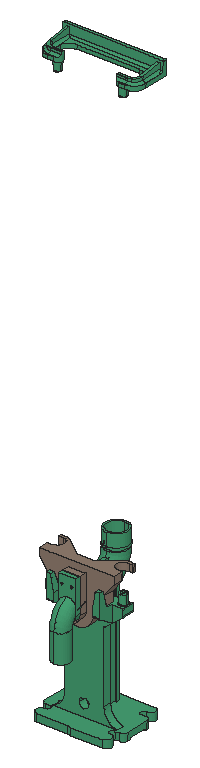
Revit family "Guide_Rail_System-Zoeller-(Z-Rail_Assembly)", category Mechanical Equipment, Revit 2014 (continued)
Types (20): name | Upper Rail Support Bracket | Rail System Discharge Radius | Rail System Discharge Diameter | Rail Plate Material | Rail Discharge Outer Diameter | Pump Discharge Radius | Pump Discharge Diameter | Non-Sparking Brass | Model | Material | Elbow Outer Diameter | Carrier Void Diameter 3 | Carrier Void Diameter 2 | Carrier Void Diameter 1
  39-0128 2" Z-Rail | Support_Bracket-Upper-Zoeller-Rail_Sytem-152383 : 15-2383 | 1" | 2" | Metal-Zoeller-Powder Coated Ductile Iron | 2 3/8" | 1" | 2" | no | "39-0128" | Metal-Zoeller-Epoxy Powder Coated Ductile Iron | 2 1/2" | 2 15/32" | 2 17/64" | 2 1/32"
  39-0135 1-1/4" Z-Rail | Support_Bracket-Upper-Zoeller-Rail_Sytem-152383 : 15-2383 SS | 1" | 2" | Metal-Zoeller-Powder Coated Ductile Iron | 2 3/8" | 5/8" | 1 1/4" | no | "39-0135" | Metal-Zoeller-Epoxy Powder Coated Ductile Iron | 1 3/4" | 1 247/256" | 1 49/64" | 1 137/256"
  39-0136 1-1/4" Z-Rail | Support_Bracket-Upper-Zoeller-Rail_Sytem-152383 : 15-2383 | 1" | 2" | Metal-Zoeller-Bronze | 2 3/8" | 5/8" | 1 1/4" | yes | "39-0136" | Metal-Zoeller-Powder Coated Ductile Iron | 1 3/4" | 1 247/256" | 1 49/64" | 1 137/256"
  39-0143 1-1/4" Z-Rail | Support_Bracket-Upper-Zoeller-Rail_Sytem-152383 : 15-2383 SS | 1" | 2" | Metal-Zoeller-Bronze | 2 3/8" | 5/8" | 1 1/4" | yes | "39-0143" | Metal-Zoeller-Powder Coated Ductile Iron | 1 3/4" | 1 247/256" | 1 49/64" | 1 137/256"
  39-0132 1-1/2" Z-Rail | Support_Bracket-Upper-Zoeller-Rail_Sytem-152383 : 15-2383 SS | 1" | 2" | Metal-Zoeller-Powder Coated Ductile Iron | 2 3/8" | 3/4" | 1 1/2" | no | "39-0132" | Metal-Zoeller-Epoxy Powder Coated Ductile Iron | 2" | 1 247/256" | 1 49/64" | 1 137/256"
  39-0133 1-1/2" Z-Rail | Support_Bracket-Upper-Zoeller-Rail_Sytem-152383 : 15-2383 | 1" | 2" | Metal-Zoeller-Bronze | 2 3/8" | 3/4" | 1 1/2" | yes | "39-0133" | Metal-Zoeller-Powder Coated Ductile Iron | 2" | 1 247/256" | 1 49/64" | 1 137/256"
  39-0142 1-1/2" Z-Rail | Support_Bracket-Upper-Zoeller-Rail_Sytem-152383 : 15-2383 SS | 1" | 2" | Metal-Zoeller-Bronze | 2 3/8" | 3/4" | 1 1/2" | yes | "39-0142" | Metal-Zoeller-Powder Coated Ductile Iron | 2" | 1 247/256" | 1 49/64" | 1 137/256"
  39-0129 2" Z-Rail | Support_Bracket-Upper-Zoeller-Rail_Sytem-152383 : 15-2383 SS | 1" | 2" | Metal-Zoeller-Powder Coated Ductile Iron | 2 3/8" | 1" | 2" | no | "39-0129" | Metal-Zoeller-Epoxy Powder Coated Ductile Iron | 2 1/2" | 2 15/32" | 2 17/64" | 2 1/32"
  39-0130 2" Z-Rail | Support_Bracket-Upper-Zoeller-Rail_Sytem-152383 : 15-2383 | 1" | 2" | Metal-Zoeller-Bronze | 2 3/8" | 1" | 2" | yes | "39-0130" | Metal-Zoeller-Powder Coated Ductile Iron | 2 1/2" | 2 15/32" | 2 17/64" | 2 1/32"
  39-0141 2" Z-Rail | Support_Bracket-Upper-Zoeller-Rail_Sytem-152383 : 15-2383 SS | 1" | 2" | Metal-Zoeller-Bronze | 2 3/8" | 1" | 2" | yes | "39-0141" | Metal-Zoeller-Powder Coated Ductile Iron | 2 1/2" | 2 15/32" | 2 17/64" | 2 1/32"
  39-0146 2" Z-Rail | Support_Bracket-Upper-Zoeller-Rail_Sytem-152383 : 15-2383 | 1" | 2" | Metal-Zoeller-Powder Coated Ductile Iron | 2 3/8" | 1" | 2" | no | "39-0146" | Metal-Zoeller-Powder Coated Ductile Iron | 2 1/2" | 2 15/32" | 2 17/64" | 2 1/32"
  39-0148 2" Z-Rail | Support_Bracket-Upper-Zoeller-Rail_Sytem-152383 : 15-2383 SS | 1" | 2" | Metal-Zoeller-Powder Coated Ductile Iron | 2 3/8" | 1" | 2" | no | "39-0148" | Metal-Zoeller-Powder Coated Ductile Iron | 2 1/2" | 2 15/32" | 2 17/64" | 2 1/32"
  39-0147 2" Z-Rail | Support_Bracket-Upper-Zoeller-Rail_Sytem-152383 : 15-2383 | 1" | 2" | Metal-Zoeller-Bronze | 2 3/8" | 1" | 2" | yes | "39-0147" | Metal-Zoeller-Powder Coated Ductile Iron | 2 1/2" | 2 15/32" | 2 17/64" | 2 1/32"
  39-0149 2" Z-Rail | Support_Bracket-Upper-Zoeller-Rail_Sytem-152383 : 15-2383 SS | 1" | 2" | Metal-Zoeller-Bronze | 2 3/8" | 1" | 2" | yes | "39-0149" | Metal-Zoeller-Powder Coated Ductile Iron | 2 1/2" | 2 15/32" | 2 17/64" | 2 1/32"
  39-0122 3" Z-Rail | Support_Bracket-Upper-Zoeller-Rail_Sytem-152383 : 15-2383 | 1 1/2" | 3" | Metal-Zoeller-Powder Coated Ductile Iron | 3 3/8" | 1 1/2" | 3" | no | "39-0122" | Metal-Zoeller-Epoxy Powder Coated Ductile Iron | 3 1/2" | 1 247/256" | 1 49/64" | 1 137/256"
  39-0123 3" Z-Rail | Support_Bracket-Upper-Zoeller-Rail_Sytem-152383 : 15-2383 SS | 1 1/2" | 3" | Metal-Zoeller-Powder Coated Ductile Iron | 3 3/8" | 1 1/2" | 3" | no | "39-0123" | Metal-Zoeller-Epoxy Powder Coated Ductile Iron | 3 1/2" | 1 247/256" | 1 49/64" | 1 137/256"
  39-0124 3" Z-Rail | Support_Bracket-Upper-Zoeller-Rail_Sytem-152383 : 15-2383 | 1 1/2" | 3" | Metal-Zoeller-Bronze | 3 3/8" | 1 1/2" | 3" | yes | "39-0124" | Metal-Zoeller-Powder Coated Ductile Iron | 3 1/2" | 1 247/256" | 1 49/64" | 1 137/256"
  39-0125 3" Z-Rail | Support_Bracket-Upper-Zoeller-Rail_Sytem-152383 : 15-2383 SS | 1 1/2" | 3" | Metal-Zoeller-Bronze | 3 3/8" | 1 1/2" | 3" | yes | "39-0125" | Metal-Zoeller-Powder Coated Ductile Iron | 3 1/2" | 1 247/256" | 1 49/64" | 1 137/256"
